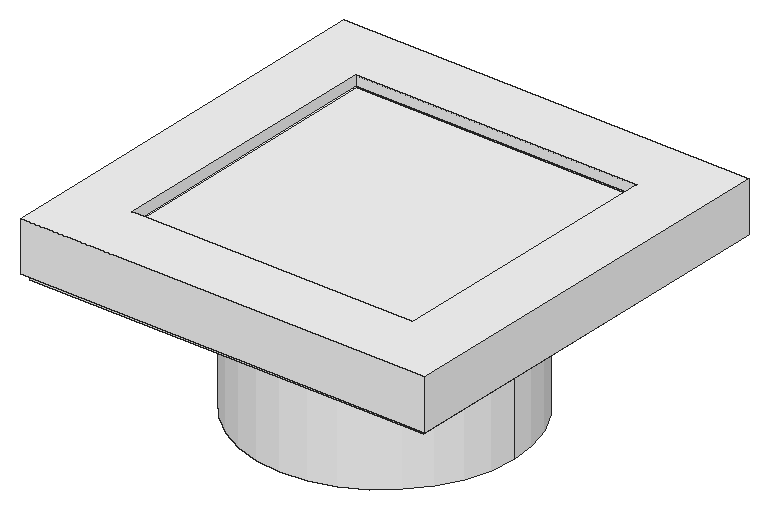
Revit family "Gira_228403", category Electrical Fixtures, host Face, Revit 2017
Family settings
  Host = Face
  Maintain Annotation Orientation = Yes
  Round Connector Dimension = Use Diameter
  Part Type = Normal
  Cut with Voids When Loaded = No
  Shared = No
  Room Calculation Point = No
Parameters (values of type "RDS FM radio w/o speaker System 55 p.white")
  White [instance] = White
  URL = "http://katalog.gira.de/en/datenblatt.html?artikelnr=228403"
  Type of fastening = "Mounting with claw and screw"
  Surface protection = "Other"
  Surface finishing = "Glossy"
  RAL-number (akin) = "9010"
  Name = "RDS FM radio w/o speaker System 55 p.white"
  Mounting method = "Flush mounted (plaster)"
  Model = "Radio"
  Material quality = "Other"
  Material = "Other"
  Manufacturer URL = "https://www.gira.de/"
  Manufacturer = "Gira"
  HeinzeBIM = "https://bimportal.heinze.de/bim/rds-fm-radio-w-o-speaker-system-55-p-white/b1951eed7db5cf087a54a2effd25450192bfa582"
  Halogen free = "Yes"
  HAN = "228403"
  GTIN = "4010337889212"
  Description = "RDS FM radio w o spk. Sys55 PW,RDS flush-mounted radio,,pure white glossy,"
  Default Elevation = 1219.2 mm
  Data sheet (1) = "https://katalog.gira.de/en/download.html?artikelnr=228403"
  Colour = "White"
  Category = "Electronic insert for domestic switching devices"
  BIM (1) = "https://media.stage.bim.site/public/gira/36a6b08/Sys55_Komplettgerät_Schalten und Tasten.rfa?public/gira/36a6b08/Sys55_Komplettgerät_Schalten und Tasten.rfa"
  Available = "No"
  Assembly arrangement = "Basic element"
Reference planes
  plane 1 "Center (Front/Back)": y = 0
  plane 2: z = 0
  plane 3 "Center (Left/Right)": x = 0
Forms (mm)
  Extrusion 1, solid, material "White" <- "White", detail levels medium
    sketch origin (0, 0, 0) x (1, 0, 0) y (0, 1, 0)
      loop
        line (-40.4, 40.4) -> (-40.4, -40.4) -> (40.4, -40.4) -> (40.4, 40.4) -> (-40.4, 40.4)
      loop
        line (-28, 28) -> (-28, -28) -> (28, -28) -> (28, 28) -> (-28, 28)
    from 0 to 10
  Extrusion 2, solid, material "White" <- "White", detail levels fine
    sketch origin (0, 0, 0) x (1, 0, 0) y (0, 1, 0)
      loop
        line (-40.4, 40.4) -> (-40.4, -40.4) -> (40.4, -40.4) -> (40.4, 40.4) -> (-40.4, 40.4)
      loop
        line (-28, 28) -> (-28, -28) -> (28, -28) -> (28, 28) -> (-28, 28)
    from 0 to 10
  Extrusion 3, void
    sketch origin (0, 0, 0) x (1, 0, 0) y (0, 1, 0)
      loop
        line (-38.4, 38.4) -> (-38.4, -38.4) -> (38.4, -38.4) -> (38.4, 38.4) -> (-38.4, 38.4)
    from 0 to 8
  Extrusion 4, solid, material "White" <- "White", detail levels medium+fine
    sketch origin (0, 0, 0) x (1, 0, 0) y (0, 1, 0)
      loop
        line (-39.4, 39.4) -> (-39.4, -39.4) -> (39.4, -39.4) -> (39.4, 39.4) -> (-39.4, 39.4)
    from 0 to -1
  Extrusion 5, solid, material "White" <- "White", detail levels medium+fine
    sketch origin (0, 0, 0) x (1, 0, 0) y (0, 1, 0)
      loop
        line (-35.5, 35.5) -> (-35.5, -35.5) -> (35.5, -35.5) -> (35.5, 35.5) -> (-35.5, 35.5)
    from -2 to -3
  Extrusion 6, solid, material "White" <- "White", detail levels medium+fine
    sketch origin (0, 0, 0) x (1, 0, 0) y (0, 1, 0)
      loop
        circle (0, 0) r 26
    from 0 to -27.5
  Extrusion 7, solid, material "White" <- "White", detail levels coarse
    sketch origin (0, 0, 0) x (1, 0, 0) y (0, 1, 0)
      loop
        line (-40.4, 40.4) -> (-40.4, -40.4) -> (40.4, -40.4) -> (40.4, 40.4) -> (-40.4, 40.4)
    from -27.5 to 10
Cuts and joins
  Extrusion 3 cuts Extrusion 2
Dimensions and locks
  aligned and locked: plane 2 to host face
  aligned and locked: level to host face
  aligned and locked: plane 3 "Center (Left/Right)" to nested 2
  aligned and locked: plane 1 "Center (Front/Back)" to nested 2
Nested families
  nested 1: "Sys55_Abdeckung_Schalten und Tasten_floor_base" at (0, 0, 0), type "Sys55_Abdeckung_Schalten und Tasten_floor_base"
  nested 2: "Schalter" at (0, 0, 0), type "Schalter"
Connectors
  electrical at (0, 0, -27.5)
    settings: on Extrusion 6, index 1, voltage 220 V, apparent load 0 VA, apparent load phase1 0 VA, apparent load phase2 0 VA, apparent load phase3 0 VA, power factor 1, load classification "Other", number of poles 1, system type 30, power factor state 1, is connector primary yes, connector utility no, sub classification motor no, connector description ""
Definition of nested family "Sys55_Abdeckung_Schalten und Tasten_floor_base"
  Parameters
    Default Elevation = 1219.2 mm
    White [instance] = none
  Reference planes
    plane 1 "Center (Front/Back)": y = 0
    plane 2: z = 0
    plane 3 "Center (Left/Right)": x = 0
  Forms (mm)
    Extrusion 1, solid
      sketch origin (0, 0, 0) x (1, 0, 0) y (0, 1, 0)
        loop
          line (-1219.2, 1219.2) -> (-1219.2, -1219.2) -> (1219.2, -1219.2) -> (1219.2, 1219.2) -> (-1219.2, 1219.2)
      from 0 to -304.8
    Extrusion 2, solid, material <- "White", detail levels fine
      sketch origin (0, 0, 0) x (1, 0, 0) y (0, 1, 0)
        loop
          line (-27.5, 27.5) -> (-27.5, -27.5) -> (27.5, -27.5) -> (27.5, 27.5) -> (-27.5, 27.5)
      from 0 to 8
    Extrusion 3, void
      sketch origin (0, 0, 0) x (1, 0, 0) y (0, 1, 0)
        loop
          line (26, 26) -> (-26, 26) -> (-26, -26) -> (26, -26) -> (26, 26)
      from 0 to 6
    Extrusion 4, solid, material <- "White", detail levels medium
      sketch origin (0, 0, 0) x (1, 0, 0) y (0, 1, 0)
        loop
          line (-27.5, 27.5) -> (-27.5, -27.5) -> (27.5, -27.5) -> (27.5, 27.5) -> (-27.5, 27.5)
      from 0 to 8
    Extrusion 5, solid, material <- "White", detail levels medium
      sketch origin (0, 0, 0) x (1, 0, 0) y (0, 1, 0)
        loop
          line (11, -17.5) -> (11, 17.5) -> (-11, 17.5) -> (-11, -17.5) -> (11, -17.5)
      from -6 to 6
    Extrusion 6, solid, material <- "White", detail levels fine
      sketch origin (0, 0, 0) x (1, 0, 0) y (0, 1, 0)
        loop
          line (11, 17.5) -> (-11, 17.5) -> (-11, 16.5) -> (11, 16.5) -> (11, 17.5)
        loop
          line (-11, -16.5) -> (-11, -17.5) -> (11, -17.5) -> (11, -16.5) -> (-11, -16.5)
      from -4 to 6
    Extrusion 7, solid, material <- "White", detail levels fine
      sketch origin (0, 0, 0) x (1, 0, 0) y (0, 1, 0)
        loop
          arc (5, 9.347) -> (0, 10.6) -> (-5, 9.347) r 10.6
          line (-5, 9.347) -> (-5, -9.347)
          arc (-5, -9.347) -> (0, -10.6) -> (5, -9.347) r 10.6
          line (5, -9.347) -> (5, 9.347)
      from -6 to 6
    Extrusion 8, solid, material <- "White", detail levels coarse
      sketch origin (0, 0, 0) x (1, 0, 0) y (0, 1, 0)
        loop
          line (-27.5, 27.5) -> (-27.5, -27.5) -> (27.5, -27.5) -> (27.5, 27.5) -> (-27.5, 27.5)
      from -6 to 8
  Cuts and joins
    Extrusion 3 cuts Extrusion 2
  Dimensions and locks
    aligned and locked: plane 2 to Extrusion 1
    aligned and locked: level to Extrusion 1
Definition of nested family "Schalter"
  Reference planes
    plane 1: y = 0
    plane 2: x = 0
  Lines and regions (mm)
    detail lines
      curve 1: circle (1.375, 2.778, 0) r 0.8 normal (0, 0, 1)
      curve 2: line (1.021, 2.061, 0) -> (0, 0, 0)
      curve 3: line (0, 0, 0) -> (-0.538, 0.266, 0)
  Dimensions and locks
    curve 2 to curve 2 = 2.3 mm
    curve 3 to curve 2 = 0.6 mm
    radius of curve 1 = 0.8 mm
